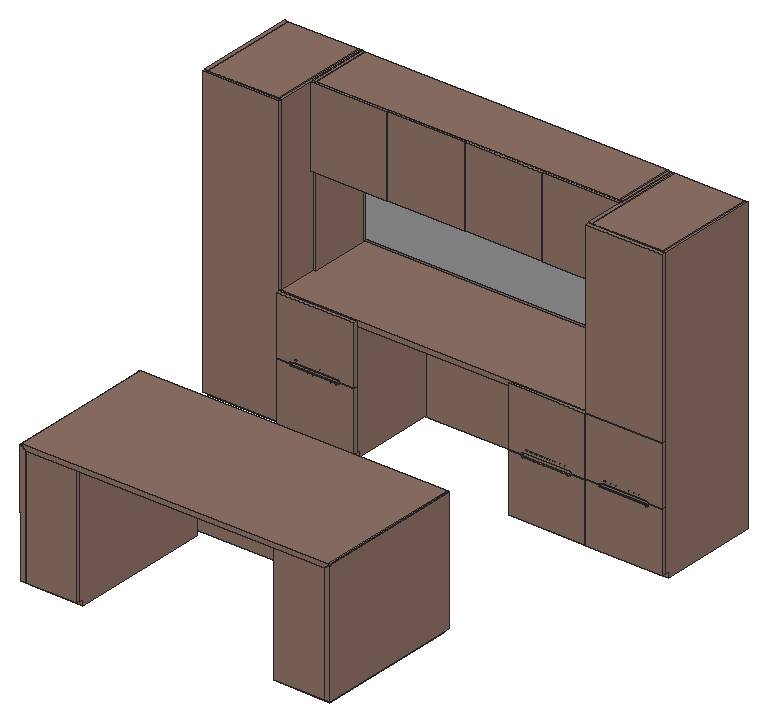
Revit family "OFS TYPICAL T100001", category Furniture, Revit 2022
Family settings
  OmniClass Number = 23.40.20.00
  OmniClass Title = General Furniture and Specialties
  Work Plane-Based = No
  Always vertical = Yes
  Cut with Voids When Loaded = No
  Render Appearance Source = Family Geometry
  Shared = No
  Room Calculation Point = No
Parameters (values of type "T100001")
  URL = "http://ofs.com/"
  Model = "T100001"
  Manufacturer = "OFS"
  Description = "OFS TYPICAL T100001"
  Default Elevation = 0' - 0"
  Copyright © = "©OFS 2024"
  Catalog = ""
  Authoring Version = "Autodesk Revit 2018"
  Assembly Code = "E2020200"
Reference planes (in)
  plane 1 "Center Front/Back": y = 0
  plane 2: z = 0
  plane 3 "Center Left/Right": x = 0
Dimensions and locks (in)
  aligned and locked: level to plane 2
Nested families (in)
  nested 1: "OFS SLATE STORAGE CABINET WARDROBE" at (-54, 0, 0), type "Storage Cabinet-Wardrobe 24.75D Left - 18W x 69H"
    with Top OFS SLATE Dark Wood, Right no, Left yes, Glides OFS SLATE Black Plastic, Door OFS SLATE Dark Wood, Case OFS SLATE Dark Wood, Base OFS SLATE Dark Wood
  nested 2: "OFS SLATE TALL STORAGE CABINET _ WARDROBE FILE-FILE" at (36, 0, 0), type "Tall Storage Wardrobe File-File Left - 69"H"
    with Top OFS SLATE Dark Wood, Glides OFS SLATE Black Plastic, Drawers OFS SLATE Dark Wood, Doors OFS SLATE Dark Wood, Case OFS SLATE Dark Wood, Base OFS SLATE Dark Wood
  nested 3: "OFS SLATE TACKBOARDS" at (-36, 0, 0), type "Tackboard 72W x 19D"
    with Elevation 2' - 6 1/2", Board OFS SLATE White Fabric
  nested 4: "OFS SLATE CREDENZAS" at (-36, 0, 0), type "72"W Double Pedestal"
    with Top OFS Dark Wood, Panel OFS Dark Wood, Glides OFS Black Plastic, Drawers OFS Dark Wood, Case OFS Dark Wood, Base OFS Dark Wood
  nested 5: "OFS SLATE HIGHBACK ORGANIZER" at (-36, 0, 0), type "Highback Organizer 4 Doors 72W x 40H - 1 High"
    with Top OFS SLATE Dark Wood, Show Doors yes, Panel OFS SLATE Dark Wood, Elevation 2' - 5 1/4", Doors OFS SLATE Dark Wood, Center Doors no, Base Panel OFS SLATE Dark Wood, Base OFS SLATE Dark Wood, Back OFS SLATE Dark Wood
  nested 6: "OFS SLATE DESKS" at (36, -64.59158, 0) x (-1, 0, 0) z (0, 0, 1), type "Full Modesty Side Pull - 72"W x 36"D"
    with Panel OFS Dark Wood, Mid Panel OFS Dark Wood, Glides OFS Black Plastic, Drawers OFS Dark Wood, Doors OFS Dark Wood, Case OFS Dark Wood, Back Panel OFS Dark Wood
Definition of nested family "OFS SLATE STORAGE CABINET WARDROBE"
  Parameters (values of type "Storage Cabinet-Wardrobe 18D Left - 12W x 69H")
    Width = 1' - 0"
    URL = "http://www.ofs.com/"
    Top [instance] = none
    Right [instance] = no
    Model = "CA-121869LSW"
    Manufacturer = "CAROLINA"  # constant formula
    Left [instance] = yes
    Height = 5' - 9"
    Glides [instance] = none
    Door [instance] = none
    Description = "OFS SLATE Storage Cabinet/Wardrobe Left 12W x 18D x 68.75H, Slate Private Office"
    Depth = 1' - 6"
    Default Elevation = 0' - 0"
    Copyright © = "© 2019 OFS"  # constant formula
    Catalog = "https://ofs.com/products/tables/conference/slate"  # constant formula
    Case [instance] = none
    Base [instance] = none
    Authoring Version = "Autodesk Revit Architecture 2014"  # constant formula
    Assembly Code = "E2020200"
  Types (16): name | Width | Right | Model | Left | Height | Description | Depth
    Storage Cabinet-Wardrobe 24.75D Left - 18W x 81H | 1' - 6" | no | "CA-18481LSW" | yes | 6' - 9" | "OFS SLATE Storage Cabinet/Wardrobe Left 18W x 24.75D x 80.75H, Slate Private Office" | 2' - 0"
    Storage Cabinet-Wardrobe 24.75D Left - 12W x 81H | 1' - 0" | no | "CA-122481LSW" | yes | 6' - 9" | "OFS SLATE Storage Cabinet/Wardrobe Left 12W x 24.75D x 80.75H, Slate Private Office" | 2' - 0"
    Storage Cabinet-Wardrobe 24.75D Left - 18W x 69H | 1' - 6" | no | "CA-182469LSW" | yes | 5' - 9" | "OFS SLATE Storage Cabinet/Wardrobe Left 18W x 24.75D x 68.75H, Slate Private Office" | 2' - 0"
    Storage Cabinet-Wardrobe 24.75D Left - 12W x 69H | 1' - 0" | no | "CA-122469LSW" | yes | 5' - 9" | "OFS SLATE Storage Cabinet/Wardrobe Left 12W x 24.75D x 68.75H, Slate Private Office" | 2' - 0"
    Storage Cabinet-Wardrobe 24.75D Right - 18W x 81H | 1' - 6" | yes | "CA-182481RSW" | no | 6' - 9" | "OFS SLATE Storage Cabinet/Wardrobe Right 18W x 24.75D x 80.75H, Slate Private Office" | 2' - 0"
    Storage Cabinet-Wardrobe 24.75D Right - 12W x 81H | 1' - 0" | yes | "CA-122481RSW" | no | 6' - 9" | "OFS SLATE Storage Cabinet/Wardrobe Right 12W x 24.75D x 80.75H, Slate Private Office" | 2' - 0"
    Storage Cabinet-Wardrobe 24.75D Right - 18W x 69H | 1' - 6" | yes | "CA-182469RSW" | no | 5' - 9" | "OFS SLATE Storage Cabinet/Wardrobe Right 18W x 24.75D x 68.75H, Slate Private Office" | 2' - 0"
    Storage Cabinet-Wardrobe 24.75D Right - 12W x 69H | 1' - 0" | yes | "CA-122469RSW" | no | 5' - 9" | "OFS SLATE Storage Cabinet/Wardrobe Right 12W x 24.75D x 68.75H, Slate Private Office" | 2' - 0"
    Storage Cabinet-Wardrobe 18D Left - 18W x 81H | 1' - 6" | no | "CA-181881LSW" | yes | 6' - 9" | "OFS SLATE Storage Cabinet/Wardrobe Left 18W x 18D x 80.75H, Slate Private Office" | 1' - 6"
    Storage Cabinet-Wardrobe 18D Left - 12W x 81H | 1' - 0" | no | "CA-121881LSW" | yes | 6' - 9" | "OFS SLATE Storage Cabinet/Wardrobe Left 12W x 18D x 80.75H, Slate Private Office" | 1' - 6"
    Storage Cabinet-Wardrobe 18D Left - 18W x 69H | 1' - 6" | no | "CA-181869LSW" | yes | 5' - 9" | "OFS SLATE Storage Cabinet/Wardrobe Left 18W x 18D x 68.75H, Slate Private Office" | 1' - 6"
    Storage Cabinet-Wardrobe 18D Left - 12W x 69H | 1' - 0" | no | "CA-121869LSW" | yes | 5' - 9" | "OFS SLATE Storage Cabinet/Wardrobe Left 12W x 18D x 68.75H, Slate Private Office" | 1' - 6"
    Storage Cabinet-Wardrobe 18D Right - 18W x 81H | 1' - 6" | yes | "CA-181881RSW" | no | 6' - 9" | "OFS SLATE Storage Cabinet/Wardrobe Right 18W x 18D x 80.75H, Slate Private Office" | 1' - 6"
    Storage Cabinet-Wardrobe 18D Right - 12W x 81H | 1' - 0" | yes | "CA-121881RSW" | no | 6' - 9" | "OFS SLATE Storage Cabinet/Wardrobe Right 12W x 18D x 80.75H, Slate Private Office" | 1' - 6"
    Storage Cabinet-Wardrobe 18D Right - 18W x 69H | 1' - 6" | yes | "CA-181869RSW" | no | 5' - 9" | "OFS SLATE Storage Cabinet/Wardrobe Right 18W x 18D x 68.75H, Slate Private Office" | 1' - 6"
    Storage Cabinet-Wardrobe 18D Right - 12W x 69H | 1' - 0" | yes | "CA-121869RSW" | no | 5' - 9" | "OFS SLATE Storage Cabinet/Wardrobe Right 12W x 18D x 68.75H, Slate Private Office" | 1' - 6"
  Reference planes (in)
    plane 1 "Center (Front/Back)": y = 0
    plane 2: z = 0
    plane 3 "Center (Left/Right)": x = 0
    plane 4: x = 12
    plane 5: x = 6
    plane 6: y = -18
    plane 7: y = -21.66451
    plane 8: z = 68.7
    plane 9: z = 68.6375
    plane 10: z = 67.95
    plane 11: z = 1.7625
    plane 12: z = 2.45
    plane 13: z = 1.7
    plane 14: z = 0.45
    plane 15: z = 69
  Dimensions and locks (in)
    "Width": plane 3 "Center (Left/Right)" to plane 4
    equal spacing: plane 3 "Center (Left/Right)", plane 5, plane 4
    plane 15 to plane 8 to plane 9 to plane 10 = 0' - 0.3" locked, 0' - 0 1/16" locked, 0' - 0 11/16" locked
    plane 12 to plane 11 to plane 13 to plane 14 to level = 0' - 0 11/16" locked, 0' - 0 1/16" locked, 0' - 1 1/4" locked, 0' - 0.45" locked
    "Height": plane 15 to level
    equal spacing: nested 3, nested 4, plane 3 "Center (Left/Right)"
    locked: plane 7 to plane 6 at 3.66451
    "Depth": plane 6 to plane 1 "Center (Front/Back)"
    aligned and locked: level to plane 2
    aligned and locked: nested 1 to plane 7
    aligned and locked: plane 5 to nested 1
    aligned and locked: nested 4 to plane 7
  Nested families (in)
    nested 1: "Tag" at (6, -21.66451, 0) x (-1, 0, 0) z (0, 0, 1), visible <- "Left", type "Center", detail levels fine
      with Offset (LR) 0' - 0", Distance of Center (not Change) 0' - 0.11"
    nested 2: "OFS_Slate Private Office_Storage_Cabinet_Wardrobe" at (0, 0, 0), Top <- "Top", Glides <- "Glides", Drawers <- "Door", Case <- "Case", Base <- "Base", visible <- "Left", type "OFS_Slate Private Office_Storage_Cabinet_Wardrobe"
      with Top none, Right no, Left yes, Glides none, Drawers none, Case none, Base none
    nested 3: "OFS_Slate Private Office_Storage_Cabinet_Wardrobe" at (0, 0, 0) x (-1, 0, 0) z (0, 0, 1), Top <- "Top", Glides <- "Glides", Drawers <- "Door", Case <- "Case", Base <- "Base", visible <- "Right", type "OFS_Slate Private Office_Storage_Cabinet_Wardrobe"
      with Top none, Right no, Left yes, Glides none, Drawers none, Case none, Base none
    nested 4: "Tag" at (-6, -21.66451, 0), visible <- "Right", type "Center", detail levels fine
      with Offset (LR) 0' - 0", Distance of Center (not Change) 0' - 0.11"
  Definition of nested family "OFS_Slate Private Office_Storage_Cabinet_Wardrobe"
    Parameters
      Width = 1' - 0"
      URL = "http://www.ofsbrands.com/"
      Top [instance] = none
      Right [instance] = no
      Model = "Type Catalog"
      Manufacturer = "OFS BRANDS"  # constant formula
      Left [instance] = yes
      Height = 5' - 9"
      Glides [instance] = none
      Drawers [instance] = none
      Description = "Type Catalog"
      Depth = 1' - 6"
      Default Elevation = 0' - 0"
      Copyright © = "© 2016 OFS BRANDS"  # constant formula
      Catalog = "OFS"  # constant formula
      Case [instance] = none
      Base [instance] = none
      Authoring Version = "Autodesk Revit Architecture 2014"  # constant formula
      Assembly Code = "E2020200"
    Reference planes (in)
      plane 1 "Center (Front/Back)": y = 0
      plane 2: z = 0
      plane 3 "Center (Left/Right)": x = 0
      plane 4: x = 12
      plane 5: x = 6
      plane 6: y = -0.75
      plane 7: y = -1.37544
      plane 8: y = -18
      plane 9: y = -17.25
      plane 10: y = -16.375
      plane 11: y = -14.99956
      plane 12: y = -15.625
      plane 13: y = -21.66451
      plane 14: x = 0.75
      plane 15: x = 2.25
      plane 16: x = 9.75
      plane 17: x = 11.25
      plane 18: z = 68.7
      plane 19: z = 68.6375
      plane 20: z = 67.95
      plane 21: z = 1.7625
      plane 22: z = 2.45
      plane 23: z = 1.7
      plane 24: z = 0.45
      plane 25: z = 69
    Forms (in)
      Revolve 1, solid, material <- "Glides"
        sketch origin (14.86463, -1.37544, 140) x (1, 0, 0) y (0, 0, 1)
          loop
            line (-13.47373, -139.55) -> (-13.72373, -139.55) -> (-13.72373, -139.74756) -> (-13.76241, -139.74756)
            arc (-13.76241, -139.74756) -> (-13.84683, -139.89216) -> (-13.71873, -140) r 0.13
            line (-13.71873, -140) -> (-13.47373, -140) -> (-13.47373, -139.55)
          axis (-13.47373, -139.55) -> (-13.47373, -140)
        angle from 0 to 360
      Revolve 2, solid, material <- "Glides"
        sketch origin (-2.86463, -1.37544, 140) x (-1, 0, 0) y (0, 0, -1)
          loop
            line (-13.47373, 139.55) -> (-13.47373, 140) -> (-13.71873, 140)
            arc (-13.71873, 140) -> (-13.84683, 139.89216) -> (-13.76241, 139.74756) r 0.13
            line (-13.76241, 139.74756) -> (-13.72373, 139.74756) -> (-13.72373, 139.55) -> (-13.47373, 139.55)
          axis (-13.47373, 139.55) -> (-13.47373, 140)
        angle from 0 to 360
      Revolve 3, solid, material <- "Glides"
        sketch origin (14.86463, -14.99956, 140) x (1, 0, 0) y (0, 0, 1)
          loop
            line (-13.47373, -139.55) -> (-13.72373, -139.55) -> (-13.72373, -139.74756) -> (-13.76241, -139.74756)
            arc (-13.76241, -139.74756) -> (-13.84683, -139.89216) -> (-13.71873, -140) r 0.13
            line (-13.71873, -140) -> (-13.47373, -140) -> (-13.47373, -139.55)
          axis (-13.47373, -139.55) -> (-13.47373, -140)
        angle from 0 to 360
      Revolve 4, solid, material <- "Glides"
        sketch origin (14.86463, -14.99956, 140) x (1, 0, 0) y (0, 0, 1)
          loop
            line (-4.25553, -139.55) -> (-4.25553, -140) -> (-4.01053, -140)
            arc (-4.01053, -140) -> (-3.88244, -139.89216) -> (-3.96686, -139.74756) r 0.13
            line (-3.96686, -139.74756) -> (-4.00553, -139.74756) -> (-4.00553, -139.55) -> (-4.25553, -139.55)
          axis (-4.25553, -139.55) -> (-4.25553, -140)
        angle from 0 to 360
      Extrusion 5, solid, material <- "Case"
        sketch origin (-18.37457, -60, 0.45) x (-1, 0, 0) y (0, -1, 0)
          loop
            line (-19.12457, -59.25) -> (-19.12457, -57.75) -> (-20.62457, -57.75) -> (-20.62457, -59.25) -> (-19.12457, -59.25)
          loop
            line (-28.12457, -59.25) -> (-28.12457, -57.75) -> (-29.62457, -57.75) -> (-29.62457, -59.25) -> (-28.12457, -59.25)
          loop
            line (-19.12457, -44.375) -> (-20.62457, -44.375) -> (-20.62457, -45.875) -> (-19.12457, -45.875) -> (-19.12457, -44.375)
          loop
            line (-28.12457, -44.375) -> (-29.62457, -44.375) -> (-29.62457, -45.875) -> (-28.12457, -45.875) -> (-28.12457, -44.375)
        from 0 to 1.25
      Sweep 6, solid, material <- "Case"
        path origin (-18.37457, -60, 0.45) x (-1, 0, 0) y (0, -1, 0)
          loop
            line (-19.12457, -60) -> (-19.12457, -44.375) -> (-29.62457, -44.375) -> (-29.62457, -60)
        profile origin (6, -15.625, 0.45) x (0, 1, 0) y (0, 0, 1)
          loop
            line (0, 0) -> (0, 1.25) -> (-0.75, 1.25) -> (-0.75, 0) -> (0, 0)
      Extrusion 7, solid, material <- "Case"
        sketch origin (0, 0, 0) x (1, 0, 0) y (0, 0, 1)
          loop
            line (0, 1.7) -> (0.75, 1.7) -> (0.75, 68.7) -> (0, 68.7) -> (0, 1.7)
          loop
            line (12, 1.7) -> (12, 68.7) -> (11.25, 68.7) -> (11.25, 1.7) -> (12, 1.7)
        from 0 to 17.25
      Extrusion 8, solid, material <- "Drawers"
        sketch origin (-3.04745, -18, 140) x (-1, 0, 0) y (0, 0, 1)
          loop
            line (-14.98502, -138.2375) -> (-3.10988, -138.2375) -> (-3.10988, -71.3625) -> (-14.98502, -71.3625) -> (-14.98502, -138.2375)
        from 0 to 0.75
      Extrusion 9, solid, material <- "Top"
        sketch origin (0.75, 2.87053, 140) x (0, 1, 0) y (0, 0, 1)
          loop
            line (-2.87053, -71.3) -> (-20.12053, -71.3) -> (-20.12053, -72.05) -> (-2.87053, -72.05) -> (-2.87053, -71.3)
        from 0 to 10.5
      Extrusion 10, solid, material <- "Base"
        sketch origin (0.75, 2.87053, 140) x (0, 1, 0) y (0, 0, 1)
          loop
            line (-3.62053, -137.55) -> (-20.12053, -137.55) -> (-20.12053, -138.3) -> (-3.62053, -138.3) -> (-3.62053, -137.55)
        from 0 to 10.5
      Extrusion 11, solid, material <- "Case"
        sketch origin (-18.37457, -60, 0.45) x (-1, 0, 0) y (0, -1, 0)
          loop
            line (-19.12457, -60) -> (-19.12457, -59.25) -> (-29.62457, -59.25) -> (-29.62457, -60) -> (-19.12457, -60)
        from 0 to 67.5
    Cuts and joins
      joined: Sweep 6, Extrusion 7
      joined: Revolve 1, Revolve 2, Revolve 3, Revolve 4
    Lines and regions (in)
      Masking region 1
        outline origin (-18.37457, -60, 68.7) x (-1, 0, 0) y (0, -1, 0)
          loop
            line (-18.37457, -60) -> (-18.37457, -42) -> (-30.37457, -42) -> (-30.37457, -60) -> (-18.37457, -60)
      symbolic lines, detail levels medium+fine
        curve 1: line (0, -18, 68.7) -> (12, -21.66451, 68.7)
        curve 2: line (12, -21.66451, 68.7) -> (12, -18, 68.7)
    Dimensions and locks (in)
      "Width": plane 3 "Center (Left/Right)" to plane 4
      equal spacing: plane 3 "Center (Left/Right)", plane 5, plane 4
      plane 3 "Center (Left/Right)" to plane 14 to plane 15 = 0' - 0 3/4" locked, 0' - 1 1/2" locked
      plane 16 to plane 17 to plane 4 = 0' - 1 1/2" locked, 0' - 0 3/4" locked
      plane 13 to plane 8 to plane 9 to plane 10 to plane 12 to plane 11 = 0' - 3.66451" locked, 0' - 0 3/4" locked, 0' - 0 7/8" locked, 0' - 0 3/4" locked, 0' - 0.62544" locked
      plane 7 to plane 6 to plane 1 "Center (Front/Back)" = 0' - 0.62544" locked, 0' - 0 3/4" locked
      "Depth": plane 8 to plane 1 "Center (Front/Back)"
      plane 25 to plane 18 to plane 19 to plane 20 = 0' - 0.3" locked, 0' - 0 1/16" locked, 0' - 0 11/16" locked
      plane 22 to plane 21 to plane 23 to plane 24 to level = 0' - 0 11/16" locked, 0' - 0 1/16" locked, 0' - 1 1/4" locked, 0' - 0.45" locked
      "Height": plane 25 to level
      aligned and locked: level to plane 2
      aligned and locked: Extrusion 5 sketch curve to plane 6  (x2)
      aligned and locked: plane 14 to Extrusion 5 sketch curve
      aligned and locked: Extrusion 5 sketch curve to plane 15
      aligned and locked: plane 16 to Extrusion 5 sketch curve
      aligned and locked: plane 17 to Extrusion 5 sketch curve
      aligned and locked: Extrusion 5 sketch curve to plane 12  (x2)
      aligned and locked: Extrusion 5 sketch curve to plane 14
      aligned and locked: plane 15 to Extrusion 5 sketch curve
      aligned and locked: Extrusion 5 sketch curve to plane 16
      aligned and locked: Extrusion 5 sketch curve to plane 17
      aligned and locked: plane 23 to Extrusion 5
      aligned and locked: Sweep 6 sketch curve to plane 12
      aligned and locked: plane 18 to Extrusion 7 sketch curve
      aligned and locked: Extrusion 7 sketch curve to plane 3 "Center (Left/Right)"
      aligned and locked: plane 14 to Extrusion 7 sketch curve
      aligned and locked: Extrusion 7 sketch curve to plane 18
      aligned and locked: Extrusion 7 sketch curve to plane 17
      aligned and locked: Extrusion 7 sketch curve to plane 4
      aligned and locked: plane 9 to Extrusion 7
      aligned and locked: plane 19 to Extrusion 8 sketch curve
      aligned and locked: plane 21 to Extrusion 8 sketch curve
      aligned and locked: Extrusion 9 sketch curve to plane 9
      aligned and locked: Extrusion 9 sketch curve to plane 18
      aligned and locked: plane 20 to Extrusion 9 sketch curve
      aligned and locked: plane 1 "Center (Front/Back)" to Extrusion 9 sketch curve
      aligned and locked: Extrusion 10 sketch curve to plane 22
      aligned and locked: Extrusion 10 sketch curve to plane 6
      aligned and locked: Extrusion 10 to plane 17
      aligned and locked: Extrusion 11 sketch curve to Extrusion 10
      aligned and locked: plane 20 to Extrusion 11
      aligned and locked: Extrusion 9 to plane 17
      aligned and locked: plane 14 to Sweep 6 sketch curve
      aligned and locked: plane 17 to Sweep 6 sketch curve
      aligned and locked: Extrusion 11 to plane 24
      aligned and locked: Masking region 1 sketch curve to plane 4
      aligned and locked: plane 3 "Center (Left/Right)" to Masking region 1 sketch curve
      aligned and locked: plane 1 "Center (Front/Back)" to Masking region 1 sketch curve
      aligned and locked: plane 8 to Masking region 1 sketch curve
      aligned and locked: plane 13 to curve 1
      aligned and locked: plane 4 to curve 1
      aligned and locked: plane 3 "Center (Left/Right)" to curve 1
      aligned and locked: plane 8 to curve 1
      aligned and locked: plane 8 to curve 2
      aligned and locked: Extrusion 7 sketch curve to plane 23
      aligned and locked: plane 23 to Extrusion 7 sketch curve
      aligned and locked: plane 1 "Center (Front/Back)" to Sweep 6 sketch curve  (x2)
    Automatic sketch dimensions
      Revolve 1 sketch curve to plane 24 = 0' - 0"
      Revolve 1 sketch curve to level = 0' - 0"
      Revolve 1 sketch curve to plane 24 = 0' - 0.19756"
      plane 14 to Revolve 1 sketch curve = 0' - 0.35223"
      Revolve 1 sketch curve to Revolve 1 sketch curve = 0' - 0.03868"
      Revolve 1 sketch curve to Revolve 1 sketch curve = 0' - 0.005"
      Revolve 1 sketch curve to Revolve 1 sketch curve = 0' - 0.245"
      Revolve 1 sketch curve to Revolve 1 sketch curve = 0' - 0"
      Revolve 1 sketch curve to level = 0' - 0.14265"
      Revolve 1 sketch curve to Revolve 1 sketch curve = 0' - 0.19756"
      Revolve 2 sketch curve to plane 24 = 0' - 0"
      Revolve 2 sketch curve to level = 0' - 0"
      Revolve 2 sketch curve to plane 24 = 0' - 0.19756"
      plane 17 to Revolve 2 sketch curve = 0' - 0.35223"
      Revolve 2 sketch curve to Revolve 2 sketch curve = 0' - 0.03868"
      Revolve 2 sketch curve to Revolve 2 sketch curve = 0' - 0.005"
      Revolve 2 sketch curve to Revolve 2 sketch curve = 0' - 0.245"
      Revolve 2 sketch curve to Revolve 2 sketch curve = 0' - 0"
      Revolve 2 sketch curve to Revolve 2 sketch curve = 0' - 0.19756"
      Revolve 2 sketch curve to level = 0' - 0.14265"
      Revolve 3 sketch curve to plane 24 = 0' - 0"
      Revolve 3 sketch curve to level = 0' - 0"
      Revolve 3 sketch curve to plane 24 = 0' - 0.19756"
      plane 14 to Revolve 3 sketch curve = 0' - 0.35223"
      Revolve 3 sketch curve to Revolve 3 sketch curve = 0' - 0.03868"
      Revolve 3 sketch curve to Revolve 3 sketch curve = 0' - 0.005"
      Revolve 3 sketch curve to Revolve 3 sketch curve = 0' - 0.245"
      Revolve 3 sketch curve to Revolve 3 sketch curve = 0' - 0"
      Revolve 3 sketch curve to level = 0' - 0.14265"
      Revolve 3 sketch curve to Revolve 3 sketch curve = 0' - 0.19756"
      Revolve 4 sketch curve to plane 24 = 0' - 0"
      Revolve 4 sketch curve to level = 0' - 0"
      plane 17 to Revolve 4 sketch curve = 0' - 0.6409"
      Revolve 4 sketch curve to Revolve 4 sketch curve = 0' - 0.245"
      Revolve 4 sketch curve to Revolve 4 sketch curve = 0' - 0.005"
      Revolve 4 sketch curve to Revolve 4 sketch curve = 0' - 0.03868"
      Revolve 4 sketch curve to Revolve 4 sketch curve = 0' - 0.13"
      Revolve 4 sketch curve to Revolve 4 sketch curve = 0' - 0"
      Revolve 4 sketch curve to level = 0' - 0.14265"
      Revolve 4 sketch curve to Revolve 4 sketch curve = 0' - 0.19756"
      plane 7 to Extrusion 5 sketch curve = 0' - 0.87456"  (x2)
      Extrusion 5 sketch curve to plane 11 = 0' - 0.87456"  (x2)
      Sweep 6 sketch curve to plane 24 = 0' - 0"
      Sweep 6 sketch curve to profile plane = 0' - 0"
      profile plane to Sweep 6 sketch curve = 0' - 0 3/4"
      Sweep 6 sketch curve to Sweep 6 sketch curve = 0' - 1 1/4"
      Extrusion 8 sketch curve to plane 4 = 0' - 0.06243"
      plane 3 "Center (Left/Right)" to Extrusion 8 sketch curve = 0' - 0.06243"
      Extrusion 11 sketch curve to plane 6 = 0' - 0"
      Extrusion 10 sketch curve to plane 9 = 0' - 0"
      Extrusion 10 sketch curve to plane 23 = 0' - 0"
      Extrusion 11 sketch curve to plane 14 = 0' - 0"
      plane 1 "Center (Front/Back)" to Extrusion 11 sketch curve = 0' - 0"
  Definition of nested family "Tag"
    Parameters
      P_Width = 0' - 0"
      Text_Width = "Empty"
      Text_Height = "Empty"
      Text_Diameter = "Empty"
      Text_Depth = "Empty"
      Offset (LR) [instance] = 0' - 0"
      Model Name = "Type Catalog"
      P_Height = 0' - 0"
      Distance of Center (not Change) = 0' - 0.1"
      P_Diameter = 0' - 0"
      P_Depth = 0' - 0"
    Reference planes (in)
      plane 1: y = 0
      plane 2: x = 0
    Lines and regions (in)
      reference lines
        curve 1: line (-0.44359, 0.1, 0) -> (0.41085, 0.1, 0)
        curve 3: line (0, 0.42564, 0) -> (0, -0.30221, 0)
      reference lines, not visible
        curve 2: line (-0.44359, 0.09843, 0) -> (0.41085, 0.09843, 0)
        curve 4: line (0, 0.42407, 0) -> (0, -0.30379, 0)
    Text (in)
      label "Empty" at (0.00197, 0.0921, 0), shows "Model Name"
      label "Empty" at (0.00197, 0.09052, 0), shows "Model Name", not visible
    Dimensions and locks (in)
      "Distance of Center (not Change)": plane 1 to curve 1
      "Offset (LR)": curve 3 to plane 2
    Automatic sketch dimensions
      curve 1 to curve 3 = 0' - 0.44359"
      curve 3 to curve 1 = 0' - 0.41085"
      curve 3 to curve 1 = 0' - 0.40221"
      curve 1 to curve 3 = 0' - 0.32564"
      curve 2 to curve 4 = 0' - 0.44359"
      curve 4 to curve 2 = 0' - 0.41085"
      curve 4 to curve 2 = 0' - 0.40221"
      curve 2 to curve 4 = 0' - 0.32564"
Definition of nested family "OFS SLATE TALL STORAGE CABINET _ WARDROBE FILE-FILE"
  Parameters (values of type "Tall Storage Wardrobe File-File Right - 81"H")
    Width = 1' - 6"
    URL = "http://www.ofs.com/"
    Top [instance] = none
    Right = yes
    Model = "CA-182481RSWD-2"
    Manufacturer = "CAROLINA"
    Left = no
    Height = 6' - 9"
    Glides [instance] = none
    Drawers [instance] = none
    Doors [instance] = none
    Description = "OFS SLATE Tall Storage Wardrobe File/File Right 18W x 24.75D x 80.75H, Slate Private Office"
    Depth = 2' - 0 3/4"
    Default Elevation = 0' - 0"
    Copyright © = "© 2019 OFS"
    Catalog = "https://ofs.com/products/tables/conference/slate"
    Case [instance] = none
    Base [instance] = none
    Authoring Version = "Autodesk Revit Architecture 2014"
    Assembly Code = "E2020200"
  Types (8): name | Right | Model | Left | Height | Description
    Tall Storage Wardrobe File-File Left - 81H | no | "CA-182481RSWD-2" | yes | 6' - 9" | "OFS SLATE Tall Storage Wardrobe File/File Left 18W x 24.75D x 80.75H, Slate Private Office"
    Tall Storage Wardrobe File-File Left - 69"H | no | "CA-182469RSWD-2" | yes | 5' - 9" | "OFS SLATE Tall Storage Wardrobe File/File Left 18W x 24.75D x 68.75H, Slate Private Office"
    Tall Storage Wardrobe File-File Right - 81"H | yes | "CA-182481RSWD-2" | no | 6' - 9" | "OFS SLATE Tall Storage Wardrobe File/File Right 18W x 24.75D x 80.75H, Slate Private Office"
    Tall Storage Wardrobe File-File Right - 69"H | yes | "CA-182469RSWD-2" | no | 5' - 9" | "OFS SLATE Tall Storage Wardrobe File/File Right 18W x 24.75D x 68.75H, Slate Private Office"
    Tall Storage Cabinet File-File Left - 81"H | no | "CA-182481RSCD-2" | yes | 6' - 9" | "OFS SLATE Tall Storage Cabinet File/File Left 18W x 24.75D x 80.75H, Slate Private Office"
    Tall Storage Cabinet File-File Left - 69"H | no | "CA-182469RSCD-2" | yes | 5' - 9" | "OFS SLATE Tall Storage Cabinet File/File Left 18W x 24.75D x 68.75H, Slate Private Office"
    Tall Storage Cabinet File-File Right - 81"H | yes | "CA-182481RSCD-2" | no | 6' - 9" | "OFS SLATE Tall Storage Cabinet File/File Right 18W x 24.75D x 80.75H, Slate Private Office"
    Tall Storage Cabinet File-File Right - 69"H | yes | "CA-182469RSCD-2" | no | 5' - 9" | "OFS SLATE Tall Storage Cabinet File/File Right 18W x 24.75D x 68.75H, Slate Private Office"
  Reference planes (in)
    plane 1 "Center (Front/Back)": y = 0
    plane 2: z = 0
    plane 3 "Center (Left/Right)": x = 0
    plane 4: x = 18
    plane 5: x = 9
    plane 6: y = -0.75
    plane 7: y = -1.37544
    plane 8: y = -24.83661
    plane 9: y = -24.08661
    plane 10: y = -23.125
    plane 11: y = -21.74956
    plane 12: y = -22.375
    plane 13: y = -28.0105
    plane 14: x = 0.75
    plane 15: x = 2.25
    plane 16: x = 15.75
    plane 17: x = 17.25
    plane 18: z = 80.7
    plane 19: z = 80.6375
    plane 20: z = 79.95
    plane 21: z = 1.7625
    plane 22: z = 2.45
    plane 23: z = 1.7
    plane 24: z = 0.45
    plane 25: z = 81
    plane 26: y = -24
    plane 27: z = 15.35625
    plane 28: z = 15.48125
    plane 29: z = 29.1375
    plane 30: z = 29.2625
  Dimensions and locks (in)
    "Width": plane 3 "Center (Left/Right)" to plane 4
    equal spacing: plane 3 "Center (Left/Right)", plane 5, plane 4
    plane 3 "Center (Left/Right)" to plane 14 to plane 15 = 0' - 0 3/4" locked, 0' - 1 1/2" locked
    plane 16 to plane 17 to plane 4 = 0' - 1 1/2" locked, 0' - 0 3/4" locked
    plane 7 to plane 6 to plane 1 "Center (Front/Back)" = 0' - 0.62544" locked, 0' - 0 3/4" locked
    plane 25 to plane 18 to plane 19 to plane 20 = 0' - 0.3" locked, 0' - 0 1/16" locked, 0' - 0 11/16" locked
    plane 30 to plane 29 to plane 28 to plane 27 to plane 22 to plane 21 to plane 23 to plane 24 to level = 0' - 0 1/8" locked, 1' - 1 21/32" locked, 0' - 0 1/8" locked, 1' - 0 29/32" locked, 0' - 0 11/16" locked, 0' - 0 1/16" locked, 0' - 1 1/4" locked, 0' - 0.45" locked
    "Height": plane 25 to level
    plane 13 to plane 8 to plane 9 to plane 26 to plane 10 to plane 12 to plane 11 = 0' - 3.17389" locked, 0' - 0 3/4" locked, 0' - 0.08661" locked, 0' - 0 7/8" locked, 0' - 0 3/4" locked, 0' - 0.62544" locked
    equal spacing: nested 2, nested 4, plane 3 "Center (Left/Right)"
    aligned and locked: level to plane 2
    aligned and locked: nested 3 to plane 13
    aligned and locked: nested 3 to plane 5
    aligned and locked: nested 4 to plane 13
  Nested families (in)
    nested 1: "OFS_Slate Private Office_Tall_Storage_Cabinet_File_File" at (0, 0, 0), Top <- "Top", Glides <- "Glides", Drawers <- "Drawers", Doors <- "Doors", Case <- "Case", Base <- "Base", visible <- "Left", type "OFS_Slate Private Office_Tall_Storage_Cabinet_File_File"
      with Top none, Right no, Left yes, Glides none, Drawers none, Doors none, Case none, Base none, Height 6' - 9"
    nested 2: "OFS_Slate Private Office_Tall_Storage_Cabinet_File_File" at (0, 0, 0) x (-1, 0, 0) z (0, 0, 1), Top <- "Top", Glides <- "Glides", Drawers <- "Drawers", Doors <- "Doors", Case <- "Case", Base <- "Base", visible <- "Right", type "OFS_Slate Private Office_Tall_Storage_Cabinet_File_File"
      with Top none, Right no, Left yes, Glides none, Drawers none, Doors none, Case none, Base none, Height 6' - 9"
    nested 3: "Tag" at (9, -28.0105, 0) x (-1, 0, 0) z (0, 0, 1), visible <- "Left", type "Center", detail levels fine
      with Offset (LR) 0' - 0", Distance of Center (not Change) 0' - 0.11"
    nested 4: "Tag" at (-9, -28.0105, 0), visible <- "Right", type "Center", detail levels fine
      with Offset (LR) 0' - 0", Distance of Center (not Change) 0' - 0.11"
  Definition of nested family "OFS_Slate Private Office_Tall_Storage_Cabinet_File_File"
    Parameters
      Width = 1' - 6"
      URL = "http://www.ofsbrands.com/"
      Top [instance] = none
      Right [instance] = no
      Model = "Type Catalog"
      Manufacturer = "OFS BRANDS"  # constant formula
      Left [instance] = yes
      Height = 5' - 9"
      Glides [instance] = none
      Drawers [instance] = none
      Doors [instance] = none
      Description = "Type Catalog"
      Depth = 2' - 0 3/4"
      Default Elevation = 0' - 0"
      Copyright © = "© 2016 OFS BRANDS"  # constant formula
      Catalog = "OFS"  # constant formula
      Case [instance] = none
      Base [instance] = none
      Authoring Version = "Autodesk Revit Architecture 2014"  # constant formula
      Assembly Code = "E2020200"
    Reference planes (in)
      plane 1 "Center (Front/Back)": y = 0
      plane 2: z = 0
      plane 3 "Center (Left/Right)": x = 0
      plane 4: x = 18
      plane 5: x = 9
      plane 6: y = -0.75
      plane 7: y = -1.37544
      plane 8: y = -24.83661
      plane 9: y = -24.08661
      plane 10: y = -23.125
      plane 11: y = -21.74956
      plane 12: y = -22.375
      plane 13: y = -28.0105
      plane 14: x = 0.75
      plane 15: x = 2.25
      plane 16: x = 15.75
      plane 17: x = 17.25
      plane 18: z = 68.7
      plane 19: z = 68.6375
      plane 20: z = 67.95
      plane 21: z = 1.7625
      plane 22: z = 2.45
      plane 23: z = 1.7
      plane 24: z = 0.45
      plane 25: z = 69
      plane 26: y = -24
      plane 27: z = 15.35625
      plane 28: z = 15.48125
      plane 29: z = 29.1375
      plane 30: z = 29.2625
    Forms (in)
      Revolve 1, solid, material <- "Glides"
        sketch origin (14.86463, -1.37544, 140) x (1, 0, 0) y (0, 0, 1)
          loop
            line (-13.47373, -139.55) -> (-13.72373, -139.55) -> (-13.72373, -139.74756) -> (-13.76241, -139.74756)
            arc (-13.76241, -139.74756) -> (-13.84683, -139.89216) -> (-13.71873, -140) r 0.13
            line (-13.71873, -140) -> (-13.47373, -140) -> (-13.47373, -139.55)
          axis (-13.47373, -139.55) -> (-13.47373, -140)
        angle from 0 to 360
      Revolve 2, solid, material <- "Glides"
        sketch origin (-2.86463, -1.37544, 140) x (-1, 0, 0) y (0, 0, -1)
          loop
            line (-19.47373, 139.55) -> (-19.47373, 140) -> (-19.71873, 140)
            arc (-19.71873, 140) -> (-19.84683, 139.89216) -> (-19.76241, 139.74756) r 0.13
            line (-19.76241, 139.74756) -> (-19.72373, 139.74756) -> (-19.72373, 139.55) -> (-19.47373, 139.55)
          axis (-19.47373, 139.55) -> (-19.47373, 140)
        angle from 0 to 360
      Revolve 3, solid, material <- "Glides"
        sketch origin (14.86463, -21.74956, 140) x (1, 0, 0) y (0, 0, 1)
          loop
            line (-13.47373, -139.55) -> (-13.72373, -139.55) -> (-13.72373, -139.74756) -> (-13.76241, -139.74756)
            arc (-13.76241, -139.74756) -> (-13.84683, -139.89216) -> (-13.71873, -140) r 0.13
            line (-13.71873, -140) -> (-13.47373, -140) -> (-13.47373, -139.55)
          axis (-13.47373, -139.55) -> (-13.47373, -140)
        angle from 0 to 360
      Revolve 4, solid, material <- "Glides"
        sketch origin (14.86463, -21.74956, 140) x (1, 0, 0) y (0, 0, 1)
          loop
            line (1.74447, -139.55) -> (1.74447, -140) -> (1.98947, -140)
            arc (1.98947, -140) -> (2.11756, -139.89216) -> (2.03314, -139.74756) r 0.13
            line (2.03314, -139.74756) -> (1.99447, -139.74756) -> (1.99447, -139.55) -> (1.74447, -139.55)
          axis (1.74447, -139.55) -> (1.74447, -140)
        angle from 0 to 360
      Extrusion 5, solid, material <- "Case"
        sketch origin (-18.37457, -60, 0.45) x (-1, 0, 0) y (0, -1, 0)
          loop
            line (-19.12457, -59.25) -> (-19.12457, -57.75) -> (-20.62457, -57.75) -> (-20.62457, -59.25) -> (-19.12457, -59.25)
          loop
            line (-34.12457, -59.25) -> (-34.12457, -57.75) -> (-35.62457, -57.75) -> (-35.62457, -59.25) -> (-34.12457, -59.25)
          loop
            line (-19.12457, -37.625) -> (-20.62457, -37.625) -> (-20.62457, -39.125) -> (-19.12457, -39.125) -> (-19.12457, -37.625)
          loop
            line (-34.12457, -37.625) -> (-35.62457, -37.625) -> (-35.62457, -39.125) -> (-34.12457, -39.125) -> (-34.12457, -37.625)
        from 0 to 1.25
      Sweep 6, solid, material <- "Case"
        path origin (-18.37457, -60, 0.45) x (-1, 0, 0) y (0, -1, 0)
          loop
            line (-19.12457, -60) -> (-19.12457, -37.625) -> (-35.62457, -37.625) -> (-35.62457, -60)
        profile origin (9, -22.375, 0.45) x (0, 1, 0) y (0, 0, 1)
          loop
            line (0, 0) -> (0, 1.25) -> (-0.75, 1.25) -> (-0.75, 0) -> (0, 0)
      Extrusion 7, solid, material <- "Case"
        sketch origin (0, 0, 0) x (1, 0, 0) y (0, 0, 1)
          loop
            line (0, 1.7) -> (0.75, 1.7) -> (0.75, 68.7) -> (0, 68.7) -> (0, 1.7)
          loop
            line (18, 1.7) -> (18, 68.7) -> (17.25, 68.7) -> (17.25, 1.7) -> (18, 1.7)
        from 0 to 24
      Extrusion 8, solid, material <- "Top"
        sketch origin (0.75, 2.87053, 140) x (0, 1, 0) y (0, 0, 1)
          loop
            line (-2.87053, -71.3) -> (-26.87053, -71.3) -> (-26.87053, -72.05) -> (-2.87053, -72.05) -> (-2.87053, -71.3)
        from 0 to 16.5
      Extrusion 9, solid, material <- "Base"
        sketch origin (0.75, 2.87053, 140) x (0, 1, 0) y (0, 0, 1)
          loop
            line (-3.62053, -137.55) -> (-26.87053, -137.55) -> (-26.87053, -138.3) -> (-3.62053, -138.3) -> (-3.62053, -137.55)
        from 0 to 16.5
      Extrusion 10, solid, material <- "Case"
        sketch origin (-18.37457, -60, 0.45) x (-1, 0, 0) y (0, -1, 0)
          loop
            line (-19.12457, -60) -> (-19.12457, -59.25) -> (-35.62457, -59.25) -> (-35.62457, -60) -> (-19.12457, -60)
        from 0 to 67.5
      Extrusion 11, solid, material <- "Doors"
        sketch origin (-3.04745, -24.83661, 140) x (-1, 0, 0) y (0, 0, 1)
          loop
            line (-3.17245, -71.3625) -> (-20.98495, -71.3625) -> (-20.98495, -110.7375) -> (-3.17245, -110.7375) -> (-3.17245, -71.3625)
        from 0 to 0.75
      Extrusion 12, solid, material <- "Drawers"
        sketch origin (-3.04745, -24.83661, 140) x (-1, 0, 0) y (0, 0, 1)
          loop
            line (-3.17245, -110.8625) -> (-20.98495, -110.8625) -> (-20.98495, -124.51875) -> (-3.17245, -124.51875) -> (-3.17245, -110.8625)
          loop
            line (-20.98495, -124.64375) -> (-20.98495, -138.3) -> (-3.17245, -138.3) -> (-3.17245, -124.64375) -> (-20.98495, -124.64375)
        from 0 to 0.75
      Sweep 13, void
        path origin (-3.04745, -24.83661, 140) x (-1, 0, 0) y (0, 0, 1)
          loop
            line (-6.69745, -123.76949) -> (-17.39745, -123.76949)
            arc (-17.39745, -123.76949) -> (-18.20921, -124.58125) -> (-17.39745, -125.39301) r 0.81176
            line (-17.39745, -125.39301) -> (-6.69745, -125.39301)
            arc (-6.69745, -125.39301) -> (-5.88568, -124.58125) -> (-6.69745, -123.76949) r 0.81176
        profile origin (9, -24.83661, 16.23051) x (0, 0, -1) y (0, 1, 0)
          loop
            line (0.74926, 0) -> (0.74926, 0.59375) -> (0.23364, 0.59375)
            arc (0.23364, 0.59375) -> (0.00083, 0.38248) -> (0.18858, 0.13032) r 0.2339
            arc (0.18858, 0.13032) -> (0.23214, 0.10432) -> (0.24927, 0.05657) r 0.07516
            line (0.24927, 0.05657) -> (0.24927, 0) -> (0.74926, 0)
    Cuts and joins
      joined: Sweep 6, Extrusion 7
      joined: Revolve 1, Revolve 2, Revolve 3, Revolve 4
      Sweep 13 cuts Extrusion 12
    Lines and regions (in)
      Masking region 1
        outline origin (-18.37457, -60, 68.7) x (-1, 0, 0) y (0, -1, 0)
          loop
            line (-18.37457, -60) -> (-18.37457, -35.16339) -> (-36.37457, -35.16339) -> (-36.37457, -60) -> (-18.37457, -60)
      symbolic lines, detail levels medium+fine
        curve 1: line (0, -24.83661, 68.6375) -> (18, -28.0105, 68.6375)
        curve 2: line (18, -28.0105, 68.6375) -> (18, -24.83661, 68.6375)
    Dimensions and locks (in)
      "Width": plane 3 "Center (Left/Right)" to plane 4
      equal spacing: plane 3 "Center (Left/Right)", plane 5, plane 4
      plane 3 "Center (Left/Right)" to plane 14 to plane 15 = 0' - 0 3/4" locked, 0' - 1 1/2" locked
      plane 16 to plane 17 to plane 4 = 0' - 1 1/2" locked, 0' - 0 3/4" locked
      plane 7 to plane 6 to plane 1 "Center (Front/Back)" = 0' - 0.62544" locked, 0' - 0 3/4" locked
      plane 25 to plane 18 to plane 19 to plane 20 = 0' - 0.3" locked, 0' - 0 1/16" locked, 0' - 0 11/16" locked
      plane 30 to plane 29 to plane 28 to plane 27 to plane 22 to plane 21 to plane 23 to plane 24 to level = 0' - 0 1/8" locked, 1' - 1 21/32" locked, 0' - 0 1/8" locked, 1' - 0 29/32" locked, 0' - 0 11/16" locked, 0' - 0 1/16" locked, 0' - 1 1/4" locked, 0' - 0.45" locked
      "Height": plane 25 to level
      plane 13 to plane 8 to plane 9 to plane 26 to plane 10 to plane 12 to plane 11 = 0' - 3.17389" locked, 0' - 0 3/4" locked, 0' - 0.08661" locked, 0' - 0 7/8" locked, 0' - 0 3/4" locked, 0' - 0.62544" locked
      locked: Sweep 13 sketch curve to plane 15 at 1.4
      locked: plane 16 to Sweep 13 sketch curve at 1.4
      aligned and locked: level to plane 2
      aligned and locked: Extrusion 5 sketch curve to plane 6
      aligned and locked: plane 14 to Extrusion 5 sketch curve
      aligned and locked: Extrusion 5 sketch curve to plane 15
      aligned and locked: plane 6 to Extrusion 5 sketch curve
      aligned and locked: plane 16 to Extrusion 5 sketch curve
      aligned and locked: plane 17 to Extrusion 5 sketch curve
      aligned and locked: Extrusion 5 sketch curve to plane 12  (x2)
      aligned and locked: Extrusion 5 sketch curve to plane 14
      aligned and locked: plane 15 to Extrusion 5 sketch curve
      aligned and locked: Extrusion 5 sketch curve to plane 16
      aligned and locked: Extrusion 5 sketch curve to plane 17
      aligned and locked: plane 23 to Extrusion 5
      aligned and locked: Sweep 6 sketch curve to plane 12
      aligned and locked: plane 18 to Extrusion 7 sketch curve
      aligned and locked: Extrusion 7 sketch curve to plane 3 "Center (Left/Right)"
      aligned and locked: plane 14 to Extrusion 7 sketch curve
      aligned and locked: Extrusion 7 sketch curve to plane 18
      aligned and locked: Extrusion 7 sketch curve to plane 17
      aligned and locked: Extrusion 7 sketch curve to plane 4
      aligned and locked: Extrusion 8 sketch curve to plane 18
      aligned and locked: plane 20 to Extrusion 8 sketch curve
      aligned and locked: plane 1 "Center (Front/Back)" to Extrusion 8 sketch curve
      aligned and locked: Extrusion 9 sketch curve to plane 22
      aligned and locked: Extrusion 9 sketch curve to plane 6
      aligned and locked: Extrusion 9 to plane 17
      aligned and locked: Extrusion 10 sketch curve to Extrusion 9
      aligned and locked: plane 20 to Extrusion 10
      aligned and locked: Extrusion 8 to plane 17
      aligned and locked: plane 14 to Sweep 6 sketch curve
      aligned and locked: plane 17 to Sweep 6 sketch curve
      aligned and locked: Extrusion 10 to plane 24
      aligned and locked: Masking region 1 sketch curve to plane 4
      aligned and locked: plane 3 "Center (Left/Right)" to Masking region 1 sketch curve
      aligned and locked: plane 1 "Center (Front/Back)" to Masking region 1 sketch curve
      aligned and locked: plane 8 to Masking region 1 sketch curve
      aligned and locked: Extrusion 7 sketch curve to plane 23
      aligned and locked: plane 23 to Extrusion 7 sketch curve
      aligned and locked: plane 1 "Center (Front/Back)" to Sweep 6 sketch curve  (x2)
      aligned and locked: cut or joined group of Sweep 6, Extrusion 7 to plane 26
      aligned and locked: plane 26 to Extrusion 8 sketch curve
      aligned and locked: plane 26 to Extrusion 9 sketch curve
      aligned and locked: Extrusion 11 sketch curve to plane 30
      aligned and locked: plane 19 to Extrusion 11 sketch curve
      aligned and locked: Extrusion 11 to plane 9
      aligned and locked: Extrusion 12 sketch curve to plane 23
      aligned and locked: plane 27 to Extrusion 12 sketch curve
      aligned and locked: Extrusion 12 sketch curve to plane 28
      aligned and locked: Extrusion 12 sketch curve to plane 29
      aligned and locked: Extrusion 12 to plane 9
      aligned and locked: plane 8 to curve 1
      aligned and locked: plane 3 "Center (Left/Right)" to curve 1
      aligned and locked: plane 13 to curve 2
      aligned and locked: plane 4 to curve 2
      aligned and locked: plane 8 to curve 2
    Automatic sketch dimensions
      Revolve 1 sketch curve to plane 24 = 0' - 0"
      Revolve 1 sketch curve to level = 0' - 0"
      Revolve 1 sketch curve to plane 24 = 0' - 0.19756"
      plane 14 to Revolve 1 sketch curve = 0' - 0.35223"
      Revolve 1 sketch curve to Revolve 1 sketch curve = 0' - 0.03868"
      Revolve 1 sketch curve to Revolve 1 sketch curve = 0' - 0.005"
      Revolve 1 sketch curve to Revolve 1 sketch curve = 0' - 0.245"
      Revolve 1 sketch curve to Revolve 1 sketch curve = 0' - 0"
      Revolve 1 sketch curve to level = 0' - 0.14265"
      Revolve 1 sketch curve to Revolve 1 sketch curve = 0' - 0.19756"
      Revolve 2 sketch curve to plane 24 = 0' - 0"
      Revolve 2 sketch curve to level = 0' - 0"
      Revolve 2 sketch curve to plane 24 = 0' - 0.19756"
      plane 17 to Revolve 2 sketch curve = 0' - 0.35223"
      Revolve 2 sketch curve to Revolve 2 sketch curve = 0' - 0.03868"
      Revolve 2 sketch curve to Revolve 2 sketch curve = 0' - 0.005"
      Revolve 2 sketch curve to Revolve 2 sketch curve = 0' - 0.245"
      Revolve 2 sketch curve to Revolve 2 sketch curve = 0' - 0"
      Revolve 2 sketch curve to Revolve 2 sketch curve = 0' - 0.19756"
      Revolve 2 sketch curve to level = 0' - 0.14265"
      Revolve 3 sketch curve to plane 24 = 0' - 0"
      Revolve 3 sketch curve to level = 0' - 0"
      Revolve 3 sketch curve to plane 24 = 0' - 0.19756"
      plane 14 to Revolve 3 sketch curve = 0' - 0.35223"
      Revolve 3 sketch curve to Revolve 3 sketch curve = 0' - 0.03868"
      Revolve 3 sketch curve to Revolve 3 sketch curve = 0' - 0.005"
      Revolve 3 sketch curve to Revolve 3 sketch curve = 0' - 0.245"
      Revolve 3 sketch curve to Revolve 3 sketch curve = 0' - 0"
      Revolve 3 sketch curve to level = 0' - 0.14265"
      Revolve 3 sketch curve to Revolve 3 sketch curve = 0' - 0.19756"
      Revolve 4 sketch curve to plane 24 = 0' - 0"
      Revolve 4 sketch curve to level = 0' - 0"
      plane 17 to Revolve 4 sketch curve = 0' - 0.6409"
      Revolve 4 sketch curve to Revolve 4 sketch curve = 0' - 0.245"
      Revolve 4 sketch curve to Revolve 4 sketch curve = 0' - 0.005"
      Revolve 4 sketch curve to Revolve 4 sketch curve = 0' - 0.03868"
      Revolve 4 sketch curve to Revolve 4 sketch curve = 0' - 0.13"
      Revolve 4 sketch curve to Revolve 4 sketch curve = 0' - 0"
      Revolve 4 sketch curve to level = 0' - 0.14265"
      Revolve 4 sketch curve to Revolve 4 sketch curve = 0' - 0.19756"
      plane 7 to Extrusion 5 sketch curve = 0' - 0.87456"  (x2)
      Extrusion 5 sketch curve to plane 11 = 0' - 0.87456"  (x2)
      Sweep 6 sketch curve to plane 24 = 0' - 0"
      Sweep 6 sketch curve to profile plane = 0' - 0"
      profile plane to Sweep 6 sketch curve = 0' - 0 3/4"
      Sweep 6 sketch curve to Sweep 6 sketch curve = 0' - 1 1/4"
      Extrusion 10 sketch curve to plane 6 = 0' - 0"
      Extrusion 9 sketch curve to plane 23 = 0' - 0"
      Extrusion 10 sketch curve to plane 14 = 0' - 0"
      plane 1 "Center (Front/Back)" to Extrusion 10 sketch curve = 0' - 0"
      Extrusion 11 sketch curve to plane 4 = 0' - 0 1/16"
      plane 3 "Center (Left/Right)" to Extrusion 11 sketch curve = 0' - 0 1/8"
      Extrusion 12 sketch curve to plane 4 = 0' - 0 1/16"  (x2)
      plane 3 "Center (Left/Right)" to Extrusion 12 sketch curve = 0' - 0 1/8"  (x2)
      Sweep 13 sketch curve to plane 27 = 0' - 0.74926"
      plane 27 to Sweep 13 sketch curve = 0' - 0 1/16"
      Sweep 13 sketch curve to plane 8 = 0' - 0"
      plane 8 to Sweep 13 sketch curve = 0' - 0.05657"
      Sweep 13 sketch curve to profile plane = 0' - 0.1741"
      Sweep 13 sketch curve to profile plane = 0' - 0.23364"
      Sweep 13 sketch curve to Sweep 13 sketch curve = 0' - 0.07516"
      Sweep 13 sketch curve to Sweep 13 sketch curve = 0' - 0 33/64"
      Sweep 13 sketch curve to Sweep 13 sketch curve = 0' - 0.30328"
      Sweep 13 sketch curve to Sweep 13 sketch curve = 0' - 0.2339"
  Definition of nested family "Tag"
    Parameters
      P_Width = 0' - 0"
      Text_Width = "Empty"
      Text_Height = "Empty"
      Text_Diameter = "Empty"
      Text_Depth = "Empty"
      Offset (LR) [instance] = 0' - 0"
      Model Name = "Type Catalog"
      P_Height = 0' - 0"
      Distance of Center (not Change) = 0' - 0.1"
      P_Diameter = 0' - 0"
      P_Depth = 0' - 0"
    Reference planes (in)
      plane 1: y = 0
      plane 2: x = 0
    Lines and regions (in)
      reference lines
        curve 1: line (-0.44359, 0.1, 0) -> (0.41085, 0.1, 0)
        curve 3: line (0, 0.42564, 0) -> (0, -0.30221, 0)
      reference lines, not visible
        curve 2: line (-0.44359, 0.09843, 0) -> (0.41085, 0.09843, 0)
        curve 4: line (0, 0.42407, 0) -> (0, -0.30379, 0)
    Text (in)
      label "Empty" at (0.00197, 0.0921, 0), shows "Model Name"
      label "Empty" at (0.00197, 0.09052, 0), shows "Model Name", not visible
    Dimensions and locks (in)
      "Distance of Center (not Change)": plane 1 to curve 1
      "Offset (LR)": curve 3 to plane 2
    Automatic sketch dimensions
      curve 1 to curve 3 = 0' - 0.44359"
      curve 3 to curve 1 = 0' - 0.41085"
      curve 3 to curve 1 = 0' - 0.40221"
      curve 1 to curve 3 = 0' - 0.32564"
      curve 2 to curve 4 = 0' - 0.44359"
      curve 4 to curve 2 = 0' - 0.41085"
      curve 4 to curve 2 = 0' - 0.40221"
      curve 2 to curve 4 = 0' - 0.32564"
Definition of nested family "OFS SLATE TACKBOARDS"
  Parameters (values of type "Tackboard 102W x 19D")
    Width = 8' - 6"
    URL = "http://www.ofs.com/"
    Model = "CA-10219HFT"
    Manufacturer = "CAROLINA"
    Height = 1' - 7"
    Elevation [instance] = 2' - 6 1/2"
    Description = "OFS SLATE Inside Back Panel, Fabric Tackboard, 98.50W x 19D x 0,5H, Slate Private Office"
    Default Elevation = 0' - 0"
    Copyright © = "© 2019 OFS"
    Catalog = "https://ofs.com/products/tables/conference/slate"
    Board [instance] = none
    Authoring Version = "Autodesk Revit Architecture 2014"
    Assembly Code = "E2020200"
    2 Piece = Width > 8' 0"  # yes
    1 Piece = not([2 Piece])  # no
  Types (18): name | Width | Model | Height | Description | 2 Piece | 1 Piece
    Tackboard 108W x 25D | 9' - 0" | "CA-10825HFT" | 2' - 1" | "OFS SLATE Inside Back Panel, Fabric Tackboard, 104.50W x 25D x 0,5H, Slate Private Office" | yes | no
    Tackboard 102W x 25D | 8' - 6" | "CA-10225HFT" | 2' - 1" | "OFS SLATE Inside Back Panel, Fabric Tackboard, 98.50W x 25D x 0,5H, Slate Private Office" | yes | no
    Tackboard 96W x 25D | 8' - 0" | "CA-9625HFT" | 2' - 1" | "OFS SLATE Inside Back Panel, Fabric Tackboard, 92.50W x 25D x 0,5H, Slate Private Office" | no | yes
    Tackboard 90W x 25D | 7' - 6" | "CA-9025HFT" | 2' - 1" | "OFS SLATE Inside Back Panel, Fabric Tackboard, 86.50W x 25D x 0,5H, Slate Private Office" | no | yes
    Tackboard 84W x 25D | 7' - 0" | "CA-8425HFT" | 2' - 1" | "OFS SLATE Inside Back Panel, Fabric Tackboard, 80.50W x 25D x 0,5H, Slate Private Office" | no | yes
    Tackboard 78W x 25D | 6' - 6" | "CA-7825HFT" | 2' - 1" | "OFS SLATE Inside Back Panel, Fabric Tackboard, 74.50W x 25D x 0,5H, Slate Private Office" | no | yes
    Tackboard 72W x 25D | 6' - 0" | "CA-7225HFT" | 2' - 1" | "OFS SLATE Inside Back Panel, Fabric Tackboard, 68.50W x 25D x 0,5H, Slate Private Office" | no | yes
    Tackboard 66W x 25D | 5' - 6" | "CA-6625HFT" | 2' - 1" | "OFS SLATE Inside Back Panel, Fabric Tackboard, 62.50W x 25D x 0,5H, Slate Private Office" | no | yes
    Tackboard 60W x 25D | 5' - 0" | "CA-6025HFT" | 2' - 1" | "OFS SLATE Inside Back Panel, Fabric Tackboard, 56.50W x 25D x 0,5H, Slate Private Office" | no | yes
    Tackboard 108W x 19D | 9' - 0" | "CA-10819HFT" | 1' - 7" | "OFS SLATE Inside Back Panel, Fabric Tackboard, 104.50W x 19D x 0,5H, Slate Private Office" | yes | no
    Tackboard 102W x 19D | 8' - 6" | "CA-10219HFT" | 1' - 7" | "OFS SLATE Inside Back Panel, Fabric Tackboard, 98.50W x 19D x 0,5H, Slate Private Office" | yes | no
    Tackboard 96W x 19D | 8' - 0" | "CA-9619HFT" | 1' - 7" | "OFS SLATE Inside Back Panel, Fabric Tackboard, 92.50W x 19D x 0,5H, Slate Private Office" | no | yes
    Tackboard 90W x 19D | 7' - 6" | "CA-9019HFT" | 1' - 7" | "OFS SLATE Inside Back Panel, Fabric Tackboard, 86.50W x 19D x 0,5H, Slate Private Office" | no | yes
    Tackboard 84W x 19D | 7' - 0" | "CA-8419HFT" | 1' - 7" | "OFS SLATE Inside Back Panel, Fabric Tackboard, 80.50W x 19D x 0,5H, Slate Private Office" | no | yes
    Tackboard 78W x 19D | 6' - 6" | "CA-7819HFT" | 1' - 7" | "OFS SLATE Inside Back Panel, Fabric Tackboard, 74.50W x 19D x 0,5H, Slate Private Office" | no | yes
    Tackboard 72W x 19D | 6' - 0" | "CA-7219HFT" | 1' - 7" | "OFS SLATE Inside Back Panel, Fabric Tackboard, 68.50W x 19D x 0,5H, Slate Private Office" | no | yes
    Tackboard 66W x 19D | 5' - 6" | "CA-6619HFT" | 1' - 7" | "OFS SLATE Inside Back Panel, Fabric Tackboard, 62.50W x 19D x 0,5H, Slate Private Office" | no | yes
    Tackboard 60W x 19D | 5' - 0" | "CA-6019HFT" | 1' - 7" | "OFS SLATE Inside Back Panel, Fabric Tackboard, 56.50W x 19D x 0,5H, Slate Private Office" | no | yes
  Reference planes (in)
    plane 1 "Center (Front/Back)": y = 0
    plane 2: z = 0
    plane 3 "Center (Left/Right)": x = 0
    plane 4: x = 51
    plane 5: x = 1.8125
    plane 6: x = 100.1875
    plane 7: x = 102
    plane 8: z = 30.5
    plane 9: z = 49.5
  Forms (in)
    Extrusion 1, solid, material <- "Board", visible <- "1 Piece"
      sketch origin (1.8125, -1.1875, 47.24409) x (0, -1, 0) y (0, 0, 1)
        loop
          line (-0.4375, 2.25591) -> (-0.4375, -16.74409) -> (0, -16.74409) -> (0, 2.25591) -> (-0.4375, 2.25591)
      from 0 to -98.375
    Extrusion 2, solid, material <- "Board", visible <- "2 Piece"
      sketch origin (1.8125, -1.1875, 47.24409) x (0, -1, 0) y (0, 0, 1)
        loop
          line (-0.4375, 2.25591) -> (-0.4375, -16.74409) -> (0, -16.74409) -> (0, 2.25591) -> (-0.4375, 2.25591)
      from 0 to -49.1875
    Extrusion 3, solid, material <- "Board", visible <- "2 Piece"
      sketch origin (58.1875, -1.1875, 47.24409) x (0, -1, 0) y (0, 0, -1)
        loop
          line (-0.4375, -2.25591) -> (0, -2.25591) -> (0, 16.74409) -> (-0.4375, 16.74409) -> (-0.4375, -2.25591)
      from 42 to -7.1875
  Lines and regions (in)
    Masking region 1
      outline origin (71.16612, -60, 49.5) x (0, -1, 0) y (1, 0, 0)
        loop
          line (-59.25, -69.35362) -> (-58.8125, -69.35362) -> (-58.8125, 29.02138) -> (-59.25, 29.02138) -> (-59.25, -69.35362)
    symbolic lines, visible <- "2 Piece", detail levels medium+fine
      curve 1: line (51, -1.1875, 49.5) -> (51, -0.75, 49.5)
  Dimensions and locks (in)
    locked: plane 3 "Center (Left/Right)" to plane 5 at 1.8125
    locked: plane 6 to plane 7 at 1.8125
    "Width": plane 3 "Center (Left/Right)" to plane 7
    equal spacing: plane 5, plane 4, plane 6
    "Elevation": plane 8 to level
    "Height": plane 9 to plane 8
    aligned and locked: level to plane 2
    aligned and locked: plane 8 to Extrusion 1 sketch curve
    aligned and locked: plane 9 to Extrusion 1 sketch curve
    aligned and locked: plane 6 to Extrusion 1
    aligned and locked: Extrusion 2 sketch curve to Extrusion 1  (x2)
    aligned and locked: Extrusion 2 to plane 4
    aligned and locked: plane 4 to Extrusion 3
    aligned and locked: plane 6 to Extrusion 3
    aligned and locked: plane 9 to Extrusion 3 sketch curve
    aligned and locked: plane 8 to Extrusion 3 sketch curve
    aligned and locked: nested 1 to Extrusion 3
    aligned and locked: plane 4 to nested 1
    aligned and locked: Masking region 1 sketch curve to Extrusion 1  (x2)
    aligned and locked: plane 4 to curve 1
  Automatic sketch dimensions
    plane 1 "Center (Front/Back)" to Extrusion 1 sketch curve = 0' - 0 3/4"
    Extrusion 1 sketch curve to Extrusion 1 sketch curve = 0' - 0 7/16"
    plane 1 "Center (Front/Back)" to Extrusion 2 sketch curve = 0' - 0 3/4"
    Extrusion 2 sketch curve to Extrusion 2 sketch curve = 0' - 0 7/16"
    plane 1 "Center (Front/Back)" to Extrusion 3 sketch curve = 0' - 0 3/4"
    Extrusion 3 sketch curve to Extrusion 3 sketch curve = 0' - 0 7/16"
    plane 1 "Center (Front/Back)" to Masking region 1 sketch curve = 0' - 0 3/4"
    Masking region 1 sketch curve to Masking region 1 sketch curve = 0' - 0 7/16"
    plane 1 "Center (Front/Back)" to curve 1 = 0' - 0 3/4"
    plane 1 "Center (Front/Back)" to curve 1 = 0' - 1 3/16"
  Nested families (in)
    nested 1: "Tag" at (51, -1.1875, 0), type "Center", detail levels fine
      with Offset (LR) 0' - 0", Distance of Center (not Change) 0' - 0.11"
  Definition of nested family "Tag"
    Parameters
      P_Width = 0' - 0"
      Text_Width = "Empty"
      Text_Height = "Empty"
      Text_Diameter = "Empty"
      Text_Depth = "Empty"
      Offset (LR) [instance] = 0' - 0"
      Model Name = "Type Catalog"
      P_Height = 0' - 0"
      Distance of Center (not Change) = 0' - 0.1"
      P_Diameter = 0' - 0"
      P_Depth = 0' - 0"
    Reference planes (in)
      plane 1: y = 0
      plane 2: x = 0
    Lines and regions (in)
      reference lines
        curve 1: line (-0.44359, 0.1, 0) -> (0.41085, 0.1, 0)
        curve 3: line (0, 0.42564, 0) -> (0, -0.30221, 0)
      reference lines, not visible
        curve 2: line (-0.44359, 0.09843, 0) -> (0.41085, 0.09843, 0)
        curve 4: line (0, 0.42407, 0) -> (0, -0.30379, 0)
    Text (in)
      label "Empty" at (0.00197, 0.0921, 0), shows "Model Name"
      label "Empty" at (0.00197, 0.09052, 0), shows "Model Name", not visible
    Dimensions and locks (in)
      "Distance of Center (not Change)": plane 1 to curve 1
      "Offset (LR)": curve 3 to plane 2
    Automatic sketch dimensions
      curve 1 to curve 3 = 0' - 0.44359"
      curve 3 to curve 1 = 0' - 0.41085"
      curve 3 to curve 1 = 0' - 0.40221"
      curve 1 to curve 3 = 0' - 0.32564"
      curve 2 to curve 4 = 0' - 0.44359"
      curve 4 to curve 2 = 0' - 0.41085"
      curve 4 to curve 2 = 0' - 0.40221"
      curve 2 to curve 4 = 0' - 0.32564"
Definition of nested family "OFS SLATE CREDENZAS"
  Parameters (values of type "108"W Overlay Lateral File")
    Width = 9' - 0"
    URL = "http://www.ofs.com/"
    Type = 4
    Top [instance] = none
    Panel [instance] = none
    Model = "CA-A10825CLF6"
    Manufacturer = "CAROLINA"
    Glides [instance] = none
    Drawers [instance] = none
    Description = "OFS SLATE Credenza Overlay Lateral File 6 Drawers, 108W x 25.50D x 20.5H, Slate Private Office"
    Default Elevation = 0' - 0"
    Copyright © = "© 2019 OFS"
    Catalog = "https://ofs.com/products/casegoods/private-office/slate"
    Case [instance] = none
    Base [instance] = none
    Authoring Version = "Autodesk Revit Architecture 2014"
    Assembly Code = "E2020200"
  Types (19): name | Width | Type | Model | Description
    108"W Overlay Lateral File/Doors | 9' - 0" | 5 | "CA-A10825CLFC4" | "OFS SLATE Credenza Overlay Lateral File/Doors 4 Drawers, 108W x 25.50D x 30.5H, Slate Private Office"
    90"W Overlay Lateral File/Doors | 7' - 6" | 5 | "CA-A9025CLFC4" | "OFS SLATE Credenza Overlay Lateral File/Doors 4 Drawers, 90W x 25.50D x 30.5H, Slate Private Office"
    72"W Overlay Lateral File/Doors | 6' - 0" | 5 | "CA-A7225CLFC2" | "OFS SLATE Credenza Overlay Lateral File/Doors 2 Drawers, 72W x 25.50D x 30.5H, Slate Private Office"
    60"W Overlay Lateral File/Doors | 5' - 0" | 5 | "CA-A6025CLFC2" | "OFS SLATE Credenza Overlay Lateral File/Doors 2 Drawers, 60W x 25.50D x 30.5H, Slate Private Office"
    108"W Overlay Lateral File | 9' - 0" | 4 | "CA-A10825CLF6" | "OFS SLATE Credenza Overlay Lateral File 6 Drawers, 108W x 25.50D x 20.5H, Slate Private Office"
    90"W Overlay Lateral File | 7' - 6" | 4 | "CA-A9025CLF6" | "OFS SLATE Credenza Overlay Lateral File 6 Drawers, 90W x 25.50D x 20.5H, Slate Private Office"
    72"W Overlay Lateral File | 6' - 0" | 4 | "CA-A7225CLF4" | "OFS SLATE Credenza Overlay Lateral File 4 Drawers, 72W x 25.50D x 20.5H, Slate Private Office"
    60"W Overlay Lateral File | 5' - 0" | 4 | "CA-A6025CLF4" | "OFS SLATE Credenza Overlay Lateral File 4 Drawers, 60W x 25.50D x 20.5H, Slate Private Office"
